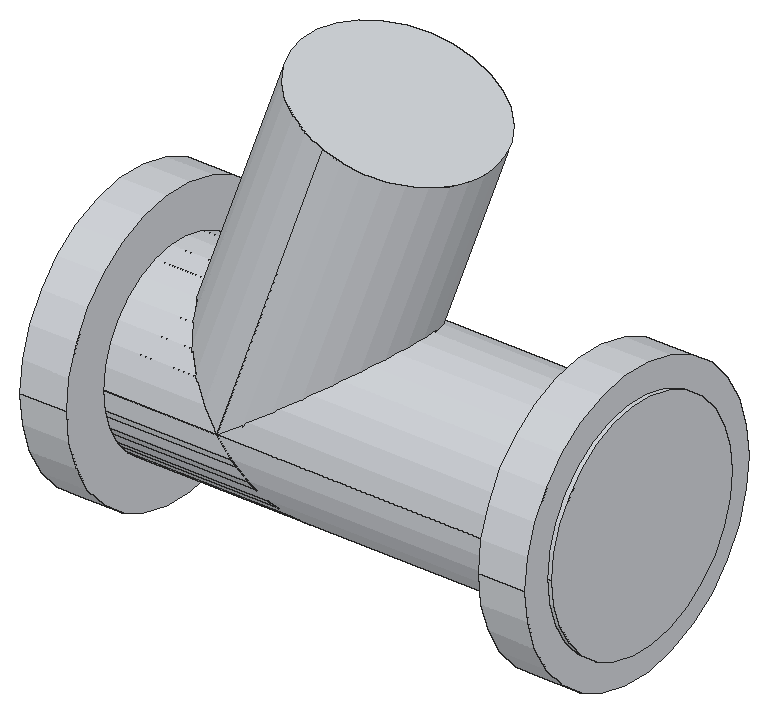
Revit family "447-DN300-RFA_2018", category Pipe Accessories, Revit 2018
Family settings
  Round Connector Dimension = Use Diameter
  Part Type = Valve - Breaks Into
  Work Plane-Based = No
  Always vertical = Yes
  Cut with Voids When Loaded = No
  Shared = No
Parameters (values of type "447-DN300")
  magiProductId = "476300b2e87f4f20bd49d272c44436"
  magiProductFamilyId = "b72cb932c1b3471491e3d369876ba1"
  magiPartTypeId = 304
  isMeasuringValve [instance] = no
  ang2D [instance] = 0.00°
  X2 = 175.429 mm
  X1 = 119 mm
  W2D = 100 mm
  VersionID = "2.0/2017.9.26.1/ZETKAMA_447_001"
  Use Minimum Symbol Size [instance] = yes
  URL = "http://www.hydronix.cz"
  Type Comments = "přírubový; PN16; -10~+120°C"
  S = 370 mm
  QmdConnectorList = "301;D;302;D"
  Productdata [instance] = ""
  Manufacturer = "Hydronix"
  MC Product Code = "447 300 (DN300; PN16 kvs1504)"
  MC Piping Given Pressure Drop [instance] = 0.0 Pa
  LM1 = 68 mm
  LM = 680 mm
  L2D_Min = 3048 mm
  L2D = 350 mm
  L2 = 425 mm
  HH1 = 481.987 mm
  FD = 460 mm
  Description = "Ruční vyvažovací ventil přírubový; DN300; PN16; kvs1504"
  DT = 310 mm
  D = 300 mm
  CC = 8.5 mm
  CAT0 = yes
  C1 = 76.5 mm
  C = 85 mm
Types (10, lengths in mm): name | magiProductId | X2 | X1 | S | MC Product Code | LM1 | LM | L2 | HH1 | FD | Description | DT | D | CC | C1 | C
  447-DN100 | "98b46d48787042dd9a812fc0797c69" | 79.261 | 49 | 156 | "447 100 (DN100; PN16 kvs184,7)" | 28 | 280 | 175 | 217.769 | 220 | "Ruční vyvažovací ventil přírubový; DN100; PN16; kvs184,7" | 130 | 100 | 3.5 | 31.5 | 35
  447-DN125 | "02b47ccb17f74d08923d86f3fe118e" | 86.541 | 56 | 184 | "447 125 (DN125; PN16 kvs285,1)" | 32 | 320 | 200 | 237.769 | 250 | "Ruční vyvažovací ventil přírubový; DN125; PN16; kvs285,1" | 130 | 125 | 4 | 36 | 40
  447-DN150 | "7f7b5672e2b748ca8839732ddacd1d" | 95.64 | 67.2 | 211 | "447 150 (DN150; PN16 kvs390,2)" | 38.4 | 384 | 240 | 262.769 | 285 | "Ruční vyvažovací ventil přírubový; DN150; PN16; kvs390,2" | 130 | 150 | 4.8 | 43.2 | 48
  447-DN200 | "e1019e6fc9b647ceac6d31797e2f53" | 155.411 | 84 | 266 | "447 200 (DN200; PN16 kvs710)" | 48 | 480 | 300 | 426.987 | 340 | "Ruční vyvažovací ventil přírubový; DN200; PN16; kvs710" | 310 | 200 | 6 | 54 | 60
  447-DN250 | "a0eac83e29f84220b7ba68901aa49e" | 171.789 | 102.2 | 319 | "447 250 (DN250; PN16 kvs1188)" | 58.4 | 584 | 365 | 471.987 | 405 | "Ruční vyvažovací ventil přírubový; DN250; PN16; kvs1188" | 310 | 250 | 7.3 | 65.7 | 73
  447-DN300 | "476300b2e87f4f20bd49d272c44436" | 175.429 | 119 | 370 | "447 300 (DN300; PN16 kvs1504)" | 68 | 680 | 425 | 481.987 | 460 | "Ruční vyvažovací ventil přírubový; DN300; PN16; kvs1504" | 310 | 300 | 8.5 | 76.5 | 85
  447-DN040 | "1b02107dafeb4f5588628c478854c2" | 42.71 | 28 | 84 | "447 040 (DN40; PN16 kvs22,36)" | 16 | 160 | 100 | 117.345 | 150 | "Ruční vyvažovací ventil přírubový; DN40; PN16; kvs22,36" | 74 | 40 | 2 | 18 | 20
  447-DN050 | "5ed7087ff739473a8b86e2dbbe5062" | 42.71 | 32.2 | 99 | "447 050 (DN50; PN16 kvs32,15)" | 18.4 | 184 | 115 | 117.345 | 165 | "Ruční vyvažovací ventil přírubový; DN50; PN16; kvs32,15" | 74 | 50 | 2.3 | 20.7 | 23
  447-DN065 | "bd77367604f142d88050bf73c88c7b" | 71.982 | 40.6 | 118 | "447 065 (DN65; PN16 kvs88,8)" | 23.2 | 232 | 145 | 197.769 | 185 | "Ruční vyvažovací ventil přírubový; DN65; PN16; kvs88,8" | 130 | 65 | 2.9 | 26.1 | 29
  447-DN080 | "7399fcf493614c92ad9035a8ac3adf" | 71.982 | 43.4 | 132 | "447 080 (DN80; PN16 kvs113,4)" | 24.8 | 248 | 155 | 197.769 | 200 | "Ruční vyvažovací ventil přírubový; DN80; PN16; kvs113,4" | 130 | 80 | 3.1 | 27.9 | 31
Reference planes
  plane 1 "Center (Front/Back)": y = 0
  plane 2 "XYPLANE": z = 0
  plane 3 "Center (Left/Right)": x = 0
  plane 4 "110": x = 22.429
  plane 5 "109": z = 481.987
  plane 6 "108": x = -153
  plane 7 "107": x = 416.5
  plane 8 "106": x = -416.5
  plane 9 "105": z = 0
  plane 10 "104": y = 0
  plane 11 "103": x = -425
  plane 12 "102": x = 425
  plane 13 "100": x = -340
  plane 14 "99": x = 340
  plane 15 "98": x = -272
Forms (mm)
  Extrusion 1, solid, visible <- "CAT0"
    sketch origin (-340, -750, 0) x (0, 1, 0) y (0, 0, 1)
      loop
        circle (750, 0) r 155
    from 0 to 680 <- "LM"
  Sweep 2, solid, visible <- "CAT0"
    path origin (750, 0, 0) x (-1, 0, 0) y (0, 0, 1)
      loop
        line (1090, 0) -> (903, 0) -> (727.571, 481.987)
    profile origin (-340, 0, 0) x (0, 0, -1) y (0, 1, 0)
      loop
        circle (0, 0) r 155
  Extrusion 3, solid
    sketch origin (416.5, -750, 0) x (0, 1, 0) y (0, 0, 1)
      loop
        circle (750, 0) r 185
    from 0 to 8.5 <- "CC"
  Extrusion 4, solid
    sketch origin (340, -750, 0) x (0, 1, 0) y (0, 0, 1)
      loop
        circle (750, 0) r 230
    from 0 to 76.5 <- "C1"
  Extrusion 5, solid
    sketch origin (-416.5, -750, 0) x (0, 1, 0) y (0, 0, 1)
      loop
        circle (750, 0) r 230
    from 0 to 76.5 <- "C1"
  Extrusion 6, solid
    sketch origin (-425, -750, 0) x (0, 1, 0) y (0, 0, 1)
      loop
        circle (750, 0) r 185
    from 0 to 8.5 <- "CC"
  Extrusion 7, solid, not visible
    sketch origin (-425, -750, 0) x (0, 1, 0) y (0, 0, 1)
      loop
        circle (750, 0) r 10
    from 0 to 10
  Extrusion 8, solid, not visible
    sketch origin (425, -750, 0) x (0, 1, 0) y (0, 0, 1)
      loop
        circle (750, 0) r 10
    from 0 to -10
Lines and regions (mm)
  reference lines, not visible
    curve 1: circle (2, 2, 0) r 1 normal (0, 0, 1)
Dimensions and locks
  plane 1 "Center (Front/Back)" to curve 1 = 2 mm
  "X2": plane 6 "108" to plane 4 "110"
  "HH1": plane 2 "XYPLANE" to plane 5 "109"
  "X1": plane 15 "98" to plane 6 "108"
  "C1": plane 14 "99" to plane 7 "107"
  "CC": plane 11 "103" to plane 8 "106"
  locked: plane 2 "XYPLANE" to plane 9 "105"
  locked: plane 1 "Center (Front/Back)" to plane 10 "104"
  "L2": plane 3 "Center (Left/Right)" to plane 11 "103"
  "L2": plane 3 "Center (Left/Right)" to plane 12 "102"
  "C": plane 11 "103" to plane 13 "100"
  "LM": plane 13 "100" to plane 14 "99"
  "LM1": plane 13 "100" to plane 15 "98"
  Sweep 2 sketch curve to Sweep 2 sketch curve = 0 mm  (x2)
  "DT": diameter of Extrusion 1 sketch curve
  "DT": diameter of Sweep 2 sketch curve
  "S": diameter of Extrusion 3 sketch curve
  "FD": diameter of Extrusion 4 sketch curve
  "FD": diameter of Extrusion 5 sketch curve
  "S": diameter of Extrusion 6 sketch curve
  aligned and locked: level to plane 2 "XYPLANE"
  aligned and locked: plane 9 "105" to Extrusion 1 sketch curve
  aligned and locked: Extrusion 1 sketch curve to plane 10 "104"
  aligned and locked: plane 9 "105" to Sweep 2 sketch curve  (x3)
  aligned and locked: Sweep 2 sketch curve to plane 10 "104"
  aligned and locked: plane 13 "100" to Sweep 2 sketch curve
  aligned and locked: plane 6 "108" to Sweep 2 sketch curve
  aligned and locked: plane 4 "110" to Sweep 2 sketch curve
  aligned and locked: plane 5 "109" to Sweep 2 sketch curve
  aligned and locked: plane 9 "105" to Extrusion 3 sketch curve
  aligned and locked: Extrusion 3 sketch curve to plane 10 "104"
  aligned and locked: plane 9 "105" to Extrusion 4 sketch curve
  aligned and locked: Extrusion 4 sketch curve to plane 10 "104"
  aligned and locked: plane 9 "105" to Extrusion 5 sketch curve
  aligned and locked: Extrusion 5 sketch curve to plane 10 "104"
  aligned and locked: plane 9 "105" to Extrusion 6 sketch curve
  aligned and locked: Extrusion 6 sketch curve to plane 10 "104"
  aligned and locked: plane 9 "105" to Extrusion 7 sketch curve
  aligned and locked: Extrusion 7 sketch curve to plane 10 "104"
  aligned and locked: plane 9 "105" to Extrusion 8 sketch curve
  aligned and locked: Extrusion 8 sketch curve to plane 10 "104"
Automatic sketch dimensions
  plane 1 "Center (Front/Back)" to Extrusion 7 sketch curve = 10 mm
  plane 1 "Center (Front/Back)" to Extrusion 8 sketch curve = 10 mm
  plane 3 "Center (Left/Right)" to curve 1 = 2 mm
  radius of curve 1 = 1 mm
Connectors
  piping at (-425, 0, 0), diameter 300, driven by "D"
    settings: on Extrusion 7, index 1, connector inside diameter 609.6 mm, connector length 0 mm, flow factor 0, pipe flow 0.0 L/s, pressure drop 0.0 Pa, fitting loss kfactor 0, connector angle 0.00°, fixture units 0, engagement length 0 mm, angle of deflection 0.00°, flow configuration 0, flow direction 0, fitting loss method 0, system type 29, joint type 0, gender type 0, connector reference index 2, connector utility 0, adjustable connector no, is connector primary yes, connector description ""
  piping at (425, 0, 0), diameter 300, driven by "D"
    settings: on Extrusion 8, index 2, connector inside diameter 609.6 mm, connector length 0 mm, flow factor 0, pipe flow 0.0 L/s, pressure drop 0.0 Pa, fitting loss kfactor 0, connector angle 0.00°, fixture units 0, engagement length 0 mm, angle of deflection 0.00°, flow configuration 0, flow direction 0, fitting loss method 0, system type 29, joint type 0, gender type 0, connector reference index 1, connector utility 0, adjustable connector no, is connector primary no, connector description ""
